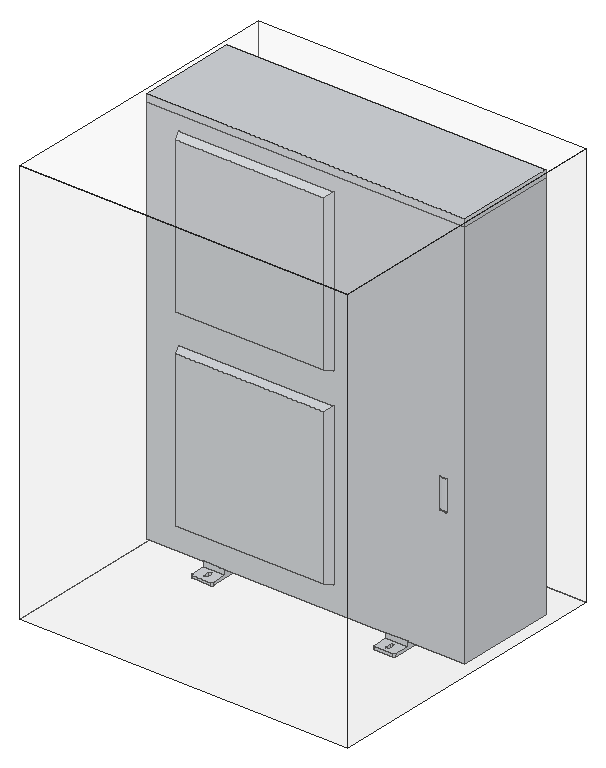
Revit family "puz-dhrmp80_140ka4_50hz", category 機械設備, Revit 2019 (continued)
Definition of nested family "PUZ-HDRMP-3"
  Dimensions and locks
    aligned and locked: plane 50 to curve 20
    aligned and locked: plane 57 to Extrusion 5 sketch curve
    aligned and locked: plane 53 to Extrusion 5 sketch curve
    aligned and locked: plane 58 to Extrusion 6 sketch curve
    aligned and locked: plane 56 to Extrusion 6 sketch curve
    aligned and locked: plane 61 to Extrusion 7 sketch curve
    aligned and locked: plane 54 to Extrusion 7 sketch curve
    aligned and locked: plane 55 to Extrusion 7
    aligned and locked: Extrusion 7 to plane 62
    aligned and locked: plane 64 to Extrusion 6
    aligned and locked: plane 63 to Extrusion 5
    aligned and locked: Extrusion 6 to plane 60
    aligned and locked: Extrusion 5 to plane 59
    aligned and locked: plane 66 to Extrusion 8 sketch curve
    aligned and locked: plane 65 to Extrusion 8 sketch curve
    aligned and locked: Extrusion 8 to plane 60
    aligned and locked: plane 64 to Extrusion 8
    aligned and locked: Blend 9 sketch curve to plane 71
    aligned and locked: Blend 9 sketch curve to plane 72
    aligned and locked: Blend 9 sketch curve to plane 42
    aligned and locked: Blend 9 sketch curve to plane 41
    aligned and locked: plane 45 to Blend 9 sketch curve
    aligned and locked: Blend 9 sketch curve to plane 46
    aligned and locked: Blend 9 sketch curve to plane 73
    aligned and locked: plane 74 to Blend 9 sketch curve
    aligned and locked: Blend 9 to plane 8
    aligned and locked: plane 38 to Blend 9
    aligned and locked: plane 22 to Extrusion 10 sketch curve
    aligned and locked: plane 21 to Extrusion 10 sketch curve
    aligned and locked: Extrusion 10 sketch curve to Extrusion 1  (x4)
    aligned and locked: Extrusion 10 sketch curve to plane 23
    aligned and locked: Extrusion 10 sketch curve to plane 20
    aligned and locked: plane 24 to Extrusion 10
    aligned and locked: Extrusion 10 to level
    aligned and locked: plane 25 to Extrusion 11
    aligned and locked: Extrusion 11 to plane 26
    aligned and locked: Masking region 1 sketch curve to Extrusion 3  (x4)
    aligned and locked: Masking region 1 sketch curve to cut or joined group of Extrusion 1, Extrusion 10  (x8)
    aligned and locked: Masking region 1 sketch curve to Blend 9  (x3)
    aligned and locked: plane 51 to Extrusion 11 sketch curve
    aligned and locked: plane 52 to Extrusion 11 sketch curve
    aligned and locked: plane 76 to Extrusion 11 sketch curve
    aligned and locked: plane 77 to Extrusion 11 sketch curve
    aligned and locked: plane 78 to Extrusion 11 sketch curve
    aligned and locked: plane 79 to Extrusion 11 sketch curve
    aligned and locked: plane 75 to Extrusion 11 sketch curve  (x4)
  Automatic sketch dimensions
    plane 7 to Extrusion 1 sketch curve = 0 mm  (x2)
    Extrusion 1 sketch curve to plane 18 = 0 mm
    plane 8 to Extrusion 1 sketch curve = 0 mm  (x2)
    Extrusion 1 sketch curve to plane 19 = 0 mm
    Extrusion 1 sketch curve to plane 20 = 0 mm
    Extrusion 1 sketch curve to plane 21 = 0 mm
    curve 187 to curve 188 = 40 mm
    curve 186 to curve 190 = 13.333 mm
    curve 190 to curve 190 = 40 mm
    curve 186 to curve 193 = 0 mm
    curve 186 to curve 188 = 40 mm
    curve 188 to curve 191 = 0 mm
    curve 179 to curve 180 = 40 mm
    curve 178 to curve 182 = 120 mm
    curve 182 to curve 182 = 40 mm
    curve 178 to curve 185 = 0 mm
    curve 178 to curve 180 = 40 mm
    curve 182 to curve 183 = 40 mm
    curve 25 to plane 45 = 0 mm
    curve 24 to plane 45 = 0 mm
    curve 22 to plane 45 = 0 mm
    curve 23 to plane 45 = 0 mm
    curve 26 to plane 45 = 0 mm
    curve 21 to plane 45 = 0 mm
    curve 24 to plane 46 = 0 mm
    curve 25 to plane 46 = 0 mm
    curve 26 to plane 46 = 0 mm
    curve 23 to plane 46 = 0 mm
    curve 22 to plane 46 = 0 mm
    curve 21 to plane 46 = 0 mm
    curve 37 to plane 48 = 0 mm
    curve 52 to plane 48 = 0 mm
    curve 51 to plane 48 = 0 mm
    curve 50 to plane 48 = 0 mm
    curve 49 to plane 48 = 0 mm
    curve 48 to plane 48 = 0 mm
    curve 47 to plane 48 = 0 mm
    curve 46 to plane 48 = 0 mm
    curve 45 to plane 48 = 0 mm
    curve 44 to plane 48 = 0 mm
    curve 43 to plane 48 = 0 mm
    curve 42 to plane 48 = 0 mm
    curve 41 to plane 48 = 0 mm
    curve 27 to plane 48 = 0 mm
    curve 28 to plane 48 = 0 mm
    curve 40 to plane 48 = 0 mm
    curve 39 to plane 48 = 0 mm
    curve 29 to plane 48 = 0 mm
    curve 38 to plane 48 = 0 mm
    curve 30 to plane 48 = 0 mm
    curve 53 to plane 48 = 0 mm
    curve 31 to plane 48 = 0 mm
    curve 36 to plane 48 = 0 mm
    curve 32 to plane 48 = 0 mm
    curve 35 to plane 48 = 0 mm
    curve 33 to plane 48 = 0 mm
    curve 34 to plane 48 = 0 mm
    curve 28 to plane 47 = 0 mm
    curve 41 to plane 47 = 0 mm
    curve 27 to plane 47 = 0 mm
    curve 42 to plane 47 = 0 mm
    curve 31 to plane 47 = 0 mm
    curve 40 to plane 47 = 0 mm
    curve 37 to plane 47 = 0 mm
    curve 39 to plane 47 = 0 mm
    curve 32 to plane 47 = 0 mm
    curve 45 to plane 47 = 0 mm
    curve 36 to plane 47 = 0 mm
    curve 46 to plane 47 = 0 mm
    curve 43 to plane 47 = 0 mm
    curve 47 to plane 47 = 0 mm
    curve 29 to plane 47 = 0 mm
    curve 48 to plane 47 = 0 mm
    curve 30 to plane 47 = 0 mm
    curve 49 to plane 47 = 0 mm
    curve 44 to plane 47 = 0 mm
    curve 50 to plane 47 = 0 mm
    curve 33 to plane 47 = 0 mm
    curve 51 to plane 47 = 0 mm
    curve 35 to plane 47 = 0 mm
    curve 52 to plane 47 = 0 mm
    curve 38 to plane 47 = 0 mm
    curve 53 to plane 47 = 0 mm
    curve 34 to plane 47 = 0 mm
    plane 13 to curve 304 = 138 mm
    curve 304 to plane 46 = 0 mm
    curve 307 to plane 45 = 0 mm
    curve 306 to plane 45 = 0 mm
    curve 303 to plane 45 = 0 mm
    curve 308 to plane 45 = 0 mm
    curve 303 to plane 46 = 0 mm
    curve 306 to plane 46 = 0 mm
    curve 307 to plane 46 = 0 mm
    curve 308 to plane 46 = 0 mm
    curve 309 to plane 45 = 0 mm
    curve 309 to plane 46 = 0 mm
    curve 305 to plane 74 = 0 mm
    curve 305 to plane 73 = 0 mm
    curve 310 to plane 74 = 0 mm
    curve 310 to plane 73 = 0 mm
    curve 311 to plane 73 = 0 mm
    curve 311 to plane 74 = 0 mm
    curve 312 to plane 74 = 0 mm
    curve 312 to plane 73 = 0 mm
    curve 313 to plane 74 = 0 mm
    curve 313 to plane 73 = 0 mm
    curve 314 to plane 73 = 0 mm
    curve 314 to plane 74 = 0 mm
    curve 315 to plane 74 = 0 mm
    curve 315 to plane 73 = 0 mm
    curve 316 to plane 73 = 0 mm
    curve 316 to plane 74 = 0 mm
    curve 317 to plane 74 = 0 mm
    curve 317 to plane 73 = 0 mm
    curve 318 to plane 74 = 0 mm
    curve 318 to plane 73 = 0 mm
    curve 319 to plane 74 = 0 mm
    curve 319 to plane 73 = 0 mm
    curve 320 to plane 74 = 0 mm
    curve 320 to plane 73 = 0 mm
    curve 321 to plane 74 = 0 mm
    curve 321 to plane 73 = 0 mm
    curve 322 to plane 73 = 0 mm
    curve 322 to plane 74 = 0 mm
    curve 323 to plane 73 = 0 mm
    curve 323 to plane 74 = 0 mm
    curve 324 to plane 73 = 0 mm
    curve 324 to plane 74 = 0 mm
    curve 325 to plane 74 = 0 mm
    curve 325 to plane 73 = 0 mm
    curve 326 to plane 74 = 0 mm
    curve 326 to plane 73 = 0 mm
    curve 327 to plane 74 = 0 mm
    curve 327 to plane 73 = 0 mm
    curve 328 to plane 74 = 0 mm
    curve 328 to plane 73 = 0 mm
    curve 329 to plane 74 = 0 mm
    curve 329 to plane 73 = 0 mm
    curve 330 to plane 74 = 0 mm
    curve 330 to plane 73 = 0 mm
    curve 331 to plane 74 = 0 mm
    curve 331 to plane 73 = 0 mm
    curve 332 to plane 73 = 0 mm
    curve 332 to plane 74 = 0 mm
    curve 333 to plane 74 = 0 mm
    curve 333 to plane 73 = 0 mm
    curve 334 to plane 73 = 0 mm
    curve 334 to plane 74 = 0 mm
    curve 335 to plane 74 = 0 mm
    curve 335 to plane 73 = 0 mm
    Extrusion 10 sketch curve to plane 18 = 0 mm  (x2)
    plane 8 to Extrusion 10 sketch curve = 0 mm
    plane 23 to Extrusion 10 sketch curve = 0 mm
    plane 22 to Extrusion 10 sketch curve = 0 mm  (x3)
    plane 16 to Extrusion 10 sketch curve = 0 mm  (x3)
    plane 17 to Extrusion 10 sketch curve = 0 mm  (x3)
    Extrusion 10 sketch curve to plane 15 = 0 mm  (x2)
    Extrusion 10 sketch curve to plane 19 = 0 mm  (x2)
    Extrusion 10 sketch curve to plane 14 = 0 mm  (x2)
    plane 7 to Extrusion 10 sketch curve = 0 mm
    Extrusion 10 sketch curve to plane 18 = 5 mm
    plane 15 to Extrusion 10 sketch curve = 6 mm  (x2)
    plane 19 to Extrusion 10 sketch curve = 5 mm
    Extrusion 10 sketch curve to plane 20 = 5 mm
    plane 14 to Extrusion 10 sketch curve = 6 mm  (x2)
    plane 21 to Extrusion 10 sketch curve = 5 mm
    plane 38 to Extrusion 10 sketch curve = 10 mm  (x2)
    plane 19 to Masking region 1 sketch curve = 0 mm
    plane 21 to Masking region 1 sketch curve = 0 mm
    plane 7 to Masking region 1 sketch curve = 0 mm  (x2)
    Masking region 1 sketch curve to plane 20 = 0 mm
    Masking region 1 sketch curve to plane 18 = 0 mm
    plane 8 to Masking region 1 sketch curve = 0 mm  (x2)
    plane 38 to Masking region 1 sketch curve = 0 mm
    curve 352 to plane 6 = 0 mm
    plane 7 to curve 352 = 0 mm
    curve 353 to plane 18 = 0 mm
    curve 348 to plane 18 = 0 mm
    plane 8 to curve 346 = 0 mm
    curve 354 to plane 19 = 0 mm
    curve 347 to plane 19 = 0 mm
    curve 345 to plane 41 = 0 mm
    plane 38 to curve 344 = 0 mm
    curve 344 to plane 46 = 0 mm
    curve 357 to plane 20 = 0 mm
    curve 343 to plane 20 = 0 mm
    curve 358 to plane 21 = 0 mm
    curve 341 to plane 21 = 0 mm
    curve 339 to plane 45 = 0 mm
    curve 339 to plane 42 = 0 mm
    curve 337 to plane 5 = 0 mm
    plane 22 to curve 354 = 0 mm
    plane 22 to curve 358 = 0 mm
    plane 23 to curve 342 = 0 mm
    plane 23 to curve 347 = 0 mm
    curve 11 to plane 65 = 6 mm
    plane 18 to curve 352 = 28.157 mm
    plane 15 to curve 346 = 0.043 mm
    plane 21 to curve 338 = 11.963 mm
    curve 336 to plane 21 = 9.073 mm
    curve 344 to plane 21 = 22.105 mm
    plane 28 to curve 3 = 5 mm
    curve 3 to plane 45 = 38 mm
    curve 1 to plane 45 = 38 mm
    curve 3 to curve 5 = 0 mm
    curve 4 to plane 29 = 5 mm
    curve 372 to plane 65 = 6 mm
    plane 65 to curve 376 = 9 mm
    curve 12 to plane 65 = 6 mm
    curve 20 to plane 53 = 4 mm
    curve 2 to curve 16 = 15 mm
    plane 51 to curve 15 = 5 mm
Definition of nested family "固定点"
  Parameters (values of type "固定点")
    中心円 = if(W > 599 mm, 12 mm, 10 mm)  # 12 mm
    W = 1000 mm
    D = 1000 mm
  Reference planes
    plane 1 "中心(正面/背面)": y = 0
    plane 2: z = 0
    plane 3 "中心(左/右)": x = 0
    plane 4: x = 1000
    plane 5: y = 1000
  Lines and regions (mm)
    symbolic lines, detail levels fine
      curve 1: circle (0, 1000, 0) r 6 normal (0, 0, 1)
      curve 2: circle (0, 0, 0) r 6 normal (0, 0, 1)
      curve 3: circle (1000, 1000, 0) r 6 normal (0, 0, 1)
      curve 4: circle (1000, 0, 0) r 6 normal (0, 0, 1)
      curve 5: line (-200, 1000, 0) -> (1200, 1000, 0)
      curve 6: line (-200, 0, 0) -> (1200, 0, 0)
      curve 7: line (0, 1200, 0) -> (0, -200, 0)
      curve 8: line (1000, 1200, 0) -> (1000, -200, 0)
  Dimensions and locks
    "W": plane 3 "中心(左/右)" to plane 4
    "D": plane 1 "中心(正面/背面)" to plane 5
    "中心円": diameter of curve 1
    "中心円": diameter of curve 2
    "中心円": diameter of curve 3
    "中心円": diameter of curve 4
    aligned and locked: level to plane 2
    aligned and locked: plane 5 to curve 1
    aligned and locked: plane 3 "中心(左/右)" to curve 1
    aligned and locked: plane 3 "中心(左/右)" to curve 2
    aligned and locked: plane 1 "中心(正面/背面)" to curve 2
    aligned and locked: plane 4 to curve 3
    aligned and locked: plane 5 to curve 3
    aligned and locked: plane 1 "中心(正面/背面)" to curve 4
    aligned and locked: plane 4 to curve 4
    aligned and locked: plane 1 "中心(正面/背面)" to curve 6
    aligned and locked: curve 7 to plane 3 "中心(左/右)"
    aligned and locked: curve 8 to plane 4
  Automatic sketch dimensions
    curve 5 to plane 5 = 0 mm
    curve 6 to plane 3 "中心(左/右)" = 200 mm
    curve 5 to plane 3 "中心(左/右)" = 200 mm
    curve 4 to curve 6 = 200 mm
    curve 3 to curve 5 = 200 mm
    plane 1 "中心(正面/背面)" to curve 8 = 200 mm
    plane 1 "中心(正面/背面)" to curve 7 = 200 mm
    curve 3 to curve 8 = 200 mm
    curve 1 to curve 7 = 200 mm
Types (9, lengths in mm): name | 音響パワーレベル_冷房 (dB) | 音響パワーレベル_暖房 (dB) | 音響パワーレベル(dB) | 電動機出力_圧縮機 | 消費電力_暖房 | 消費電力_冷房 | 消費電力 | 構成品番 | 暖房能力 | 推奨ブレーカー容量 | 冷房能力 | 冷媒管（ガス）位置Y | 冷媒管位置Y
  室外機_PUZ-DHRMP80KA4 | 66 | 68 | 68 | 1.5 kW | 1.92 kW | 1.77 kW | 1.92 kW | "PUZ-DHRMP80KA4" | 8 kW | 30 A | 7.1 kW | 274 | 282
  室外機_PUZ-DHRMP112KA4 | 66 | 69 | 69 | 2.1 kW | 2.69 kW | 2.5 kW | 2.69 kW | "PUZ-DHRMP112KA4" | 11.2 kW | 30 A | 10 kW | 234 | 262
  室外機_PUZ-DHRMP140KA4 | 68 | 69 | 69 | 2.7 kW | 3.82 kW | 3.69 kW | 3.82 kW | "PUZ-DHRMP140KA4" | 14 kW | 40 A | 12.5 kW | 234 | 262
  室外機_PUZ-DHRMP80KA4-BS | 66 | 68 | 68 | 1.5 kW | 1.92 kW | 1.77 kW | 1.92 kW | "PUZ-DHRMP80KA4-BS" | 8 kW | 30 A | 7.1 kW | 274 | 282
  室外機_PUZ-DHRMP80KA4-BSG | 66 | 68 | 68 | 1.5 kW | 1.92 kW | 1.77 kW | 1.92 kW | "PUZ-DHRMP80KA4-BSG" | 8 kW | 30 A | 7.1 kW | 274 | 282
  室外機_PUZ-DHRMP140KA4-BS | 68 | 69 | 69 | 2.7 kW | 3.82 kW | 3.69 kW | 3.82 kW | "PUZ-DHRMP140KA4-BS" | 14 kW | 40 A | 12.5 kW | 234 | 262
  室外機_PUZ-DHRMP140KA4-BSG | 68 | 69 | 69 | 2.7 kW | 3.82 kW | 3.69 kW | 3.82 kW | "PUZ-DHRMP140KA4-BSG" | 14 kW | 40 A | 12.5 kW | 234 | 262
  室外機_PUZ-DHRMP112KA4-BS | 66 | 69 | 69 | 2.1 kW | 2.69 kW | 2.5 kW | 2.69 kW | "PUZ-DHRMP112KA4-BS" | 11.2 kW | 30 A | 10 kW | 234 | 262
  室外機_PUZ-DHRMP112KA4-BSG | 66 | 69 | 69 | 2.1 kW | 2.69 kW | 2.5 kW | 2.69 kW | "PUZ-DHRMP112KA4-BSG" | 11.2 kW | 30 A | 10 kW | 234 | 262
